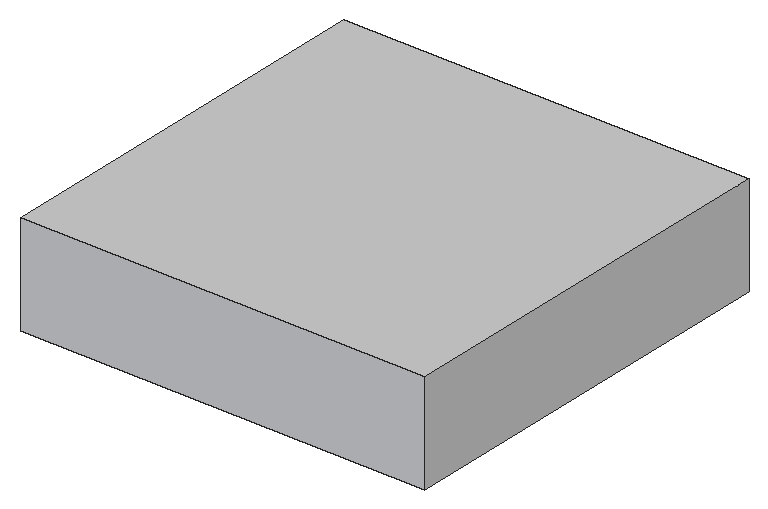
Revit family "PRESTO ARTE-I 2D con llave", category Aparatos sanitarios, Revit 2015
Parameters (values of type "15150")
  URL = "http://www.prestoiberica.com/inodoro/temporizada-arte/presto-arte-i-2d-con-llave?c=es"
  Teléfono = "(+34) 915 782 575"
  TIPO DE AGUA = "Fria"
  REFERENCIA = "15150"
  Presión Máxima = ""
  PESO BRUTO = "0.790 Kg"
  Modelo = "PRESTO XT I 2D CON LLAVE"
  Material = LATON CROMADO
  Imagen de tipo = <Ninguno>
  Fabricante = "PRESTO IBÉRICA"
  Default Elevation = 1219.2 mm
  ENTRADA = "Macho 3/4\""
  Descripción = "Fluxor temporizado de fijación sobre muro con cuerpo y embellecedor en latón cromado. Dispositivo antiSifónico incorporado. Pistón intercambiable."
  Código de montaje = "C1030220"
  Contacto = "info@prestoiberica.com"
  Conexión AF = yes
  Conexión AC = yes
  Comentarios de tipo = "Suministrado con tuerca y casquillo para tubo de Ø 28 mm\r\n◦ Con dispositivo antiSifónico que asegura la protección de la red de agua potable contra las eventuales absorciones de agua contaminada\r\n◦ Cabeza intercambiable que comprende todo el mecanismo del fluxor\r\n◦ Apertura por pulsador\r\n◦ Cuerpo del fluxor en latón cromado con piezas interiores en materiales resistentes a la corrosión y a las incrustaciones calcáreas\r\n◦ Nível de ruído categoria II según normativa vigente EN-200\r\n◦ Cabeza compatible con fluxor Presto 1000 C y Presto ARTE-I."
  CIERRE = ""
  CAUDAL = ""
  Accionamiento = "Por pulsador"
Reference planes
  plane 1 "Centro (Frontal/Posterior)": y = 0
  plane 2: z = 0
  plane 3 "Centro (Izquierda/Derecha)": x = 0
Forms (mm)
  Extrusion 1, solid
    sketch origin (0, 0, 0) x (1, 0, 0) y (0, 1, 0)
      loop
        line (-100, 100) -> (-100, -100) -> (100, -100) -> (100, 100) -> (-100, 100)
    from 0 to -50
Lines and regions (mm)
  symbolic lines
    curve 1: line (12.5, 0, 114.762) -> (-12.5, 0, 114.762)
    curve 2: line (-12.5, 0, 103.962) -> (12.5, 0, 103.962)
Dimensions and locks
  Extrusion 1 sketch curve to plane 1 "Centro (Frontal/Posterior)" = 100 mm
  aligned and locked: plane 2 to Extrusion 1
  aligned and locked: level to Extrusion 1
Connectors
  piping at (0, 0, -5), diameter 19.1
    settings: on import instance, index 1, connector inside diameter 609.6 mm, connector length 0 mm, flow factor 0, pipe flow 0.0 L/s, pressure drop 0.0 Pa, fitting loss kfactor 0, connector angle 0.00°, fixture units 0, engagement length 0 mm, angle of deflection 0.00°, flow configuration 0, flow direction 1, fitting loss method 0, system type 20, joint type 0, gender type 0, connector reference index -1, connector utility 0, adjustable connector no, is connector primary yes, connector description ""
